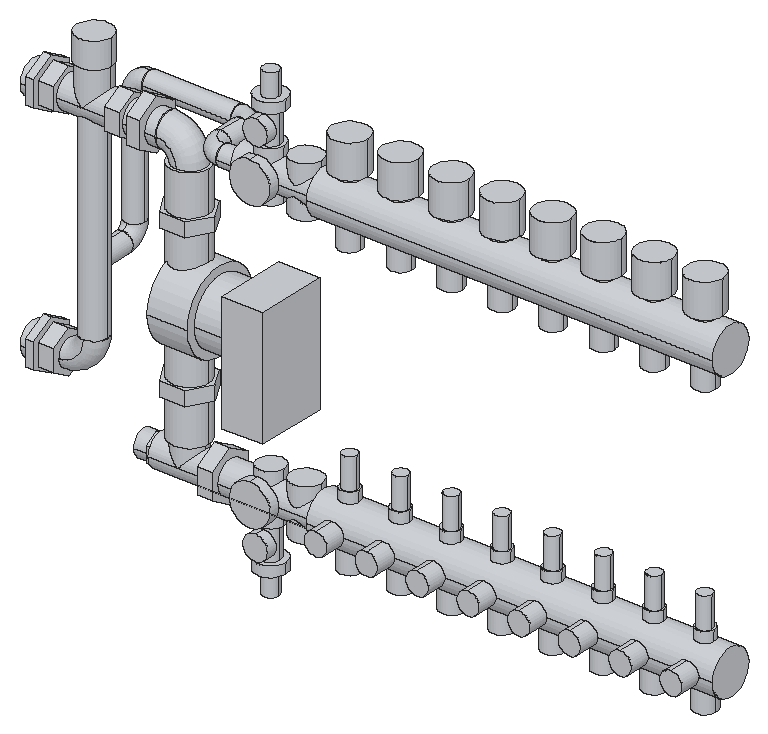
Revit family "318_9b57ddf208284e03839ea56ae0efe0", category Pipe Accessories, Revit 2017 (continued)
Dimensions and locks
  aligned and locked: plane 52 "223" to Extrusion 143 sketch curve
  aligned and locked: plane 48 "227" to Extrusion 144 sketch curve
  aligned and locked: plane 55 "220" to Extrusion 144 sketch curve
  aligned and locked: plane 48 "227" to Extrusion 145 sketch curve
  aligned and locked: plane 60 "215" to Extrusion 145 sketch curve
  aligned and locked: plane 48 "227" to Extrusion 146 sketch curve
  aligned and locked: plane 59 "216" to Extrusion 146 sketch curve
  aligned and locked: plane 48 "227" to Extrusion 147 sketch curve
  aligned and locked: plane 58 "217" to Extrusion 147 sketch curve
  aligned and locked: plane 48 "227" to Extrusion 148 sketch curve
  aligned and locked: plane 57 "218" to Extrusion 148 sketch curve
  aligned and locked: plane 48 "227" to Extrusion 149 sketch curve
  aligned and locked: plane 56 "219" to Extrusion 149 sketch curve
  aligned and locked: plane 48 "227" to Extrusion 150 sketch curve
  aligned and locked: plane 55 "220" to Extrusion 150 sketch curve
  aligned and locked: Extrusion 151 sketch curve to plane 48 "227"
  aligned and locked: plane 50 "225" to Extrusion 151 sketch curve
  aligned and locked: plane 33 "242" to Extrusion 152 sketch curve
  aligned and locked: Extrusion 152 sketch curve to plane 48 "227"
  aligned and locked: plane 48 "227" to Extrusion 153 sketch curve
  aligned and locked: plane 52 "223" to Extrusion 153 sketch curve
  aligned and locked: plane 48 "227" to Extrusion 154 sketch curve
  aligned and locked: plane 53 "222" to Extrusion 154 sketch curve
Automatic sketch dimensions
  plane 36 "239" to Extrusion 1 sketch curve = 1 mm
  Revolve 2 sketch curve to plane 7 "629" = 0 mm
  Revolve 2 sketch curve to level = 0 mm
  level to Revolve 2 sketch curve = 10 mm
  Revolve 2 sketch curve to plane 28 "247" = 7 mm
  plane 12 "614" to Extrusion 3 sketch curve = 5 mm
  Revolve 4 sketch curve to level = 0 mm
  plane 15 "606" to Revolve 4 sketch curve = 5 mm
  Revolve 4 sketch curve to plane 28 "247" = 7 mm
  plane 15 "606" to Extrusion 5 sketch curve = 5 mm
  Revolve 6 sketch curve to Revolve 6 sketch curve = 10 mm
  plane 4 "INIT_TEMP" to Revolve 6 sketch curve = 1015 mm
  Revolve 6 sketch curve to Revolve 6 sketch curve = 85 mm
  Extrusion 7 sketch curve to plane 72 "203" = 10 mm
  Revolve 8 sketch curve to plane 14 "607" = 0 mm
  Revolve 8 sketch curve to plane 23 "252" = 8.5 mm
  Revolve 8 sketch curve to plane 3 "Center (Left/Right)" = 885 mm
  Revolve 8 sketch curve to Revolve 8 sketch curve = 75 mm
  Extrusion 9 sketch curve to plane 23 "252" = 8.5 mm
  Revolve 10 sketch curve to plane 36 "239" = 0 mm
  Revolve 10 sketch curve to plane 44 "231" = 0 mm
  plane 4 "INIT_TEMP" to Revolve 10 sketch curve = 1120 mm
  Revolve 10 sketch curve to Revolve 10 sketch curve = 100 mm
  Extrusion 11 sketch curve to plane 1 "Center (Front/Back)" = 0 mm  (x2)
  Extrusion 11 sketch curve to plane 30 "245" = 0 mm
  plane 54 "221" to Extrusion 11 sketch curve = 0.349 mm
  plane 6 "630" to Extrusion 11 sketch curve = 11.651 mm
  Extrusion 11 sketch curve to plane 51 "224" = 9.5 mm  (x2)
  plane 12 "614" to Extrusion 11 sketch curve = 2.5 mm  (x2)
  Extrusion 11 sketch curve to plane 44 "231" = 4 mm
  Extrusion 12 sketch curve to plane 36 "239" = 0 mm
  plane 75 "200" to Extrusion 13 sketch curve = 8 mm
  Extrusion 14 sketch curve to plane 15 "606" = 0 mm
  Extrusion 14 sketch curve to plane 54 "221" = 13 mm
  plane 41 "234" to Extrusion 14 sketch curve = 3.5 mm
  plane 14 "607" to Extrusion 14 sketch curve = 21.5 mm
  Extrusion 15 sketch curve to plane 54 "221" = 10.5 mm
  Extrusion 16 sketch curve to plane 54 "221" = 18 mm
  plane 18 "595" to Extrusion 17 sketch curve = 2 mm
  plane 75 "200" to Extrusion 18 sketch curve = 9 mm
  Extrusion 19 sketch curve to level = 0 mm
  plane 44 "231" to Extrusion 19 sketch curve = 1 mm
  Extrusion 20 sketch curve to plane 31 "244" = 9 mm
  plane 21 "254" to Extrusion 21 sketch curve = 5 mm
  Extrusion 22 sketch curve to plane 31 "244" = 7.5 mm
  plane 66 "209" to Extrusion 23 sketch curve = 2 mm
  plane 21 "254" to Extrusion 24 sketch curve = 7 mm
  plane 65 "210" to Extrusion 25 sketch curve = 5 mm
  plane 40 "235" to Extrusion 26 sketch curve = 4 mm
  Extrusion 27 sketch curve to plane 31 "244" = 7.5 mm
  plane 21 "254" to Extrusion 28 sketch curve = 5 mm
  Extrusion 29 sketch curve to plane 31 "244" = 9 mm
  plane 18 "595" to Extrusion 30 sketch curve = 2 mm
  plane 34 "241" to Extrusion 31 sketch curve = 1 mm
  plane 1 "Center (Front/Back)" to Extrusion 32 sketch curve = 0 mm  (x2)
  plane 32 "243" to Extrusion 32 sketch curve = 3 mm
  Extrusion 32 sketch curve to plane 24 "251" = 2.5 mm  (x2)
  plane 54 "221" to Extrusion 32 sketch curve = 0.349 mm
  plane 9 "621" to Extrusion 32 sketch curve = 4.5 mm  (x2)
  plane 8 "626" to Extrusion 32 sketch curve = 2 mm
  plane 6 "630" to Extrusion 32 sketch curve = 11.651 mm
  plane 1 "Center (Front/Back)" to Extrusion 33 sketch curve = 0 mm  (x2)
  plane 32 "243" to Extrusion 33 sketch curve = 3 mm
  plane 54 "221" to Extrusion 33 sketch curve = 0.349 mm
  Extrusion 33 sketch curve to plane 24 "251" = 2.5 mm  (x2)
  plane 9 "621" to Extrusion 33 sketch curve = 4.5 mm  (x2)
  plane 8 "626" to Extrusion 33 sketch curve = 2 mm
  plane 6 "630" to Extrusion 33 sketch curve = 11.651 mm
  plane 18 "595" to Extrusion 34 sketch curve = 2 mm
  plane 36 "239" to Extrusion 35 sketch curve = 3.5 mm
  Extrusion 36 sketch curve to plane 1 "Center (Front/Back)" = 0 mm  (x2)
  plane 36 "239" to Extrusion 36 sketch curve = 3.01 mm
  plane 6 "630" to Extrusion 36 sketch curve = 2.99 mm
  plane 65 "210" to Extrusion 36 sketch curve = 10 mm
  Extrusion 36 sketch curve to plane 49 "226" = 7.5 mm  (x2)
  plane 49 "226" to Extrusion 36 sketch curve = 7.5 mm  (x2)
  Extrusion 36 sketch curve to plane 42 "233" = 6 mm
  Extrusion 37 sketch curve to plane 1 "Center (Front/Back)" = 0 mm  (x2)
  Extrusion 37 sketch curve to plane 30 "245" = 0 mm
  plane 54 "221" to Extrusion 37 sketch curve = 0.349 mm
  plane 6 "630" to Extrusion 37 sketch curve = 11.651 mm
  Extrusion 37 sketch curve to plane 51 "224" = 9.5 mm  (x2)
  plane 12 "614" to Extrusion 37 sketch curve = 2.5 mm  (x2)
  Extrusion 37 sketch curve to plane 44 "231" = 4 mm
  Extrusion 38 sketch curve to plane 36 "239" = 0 mm
  Extrusion 39 sketch curve to plane 1 "Center (Front/Back)" = 0 mm  (x2)
  Extrusion 39 sketch curve to plane 65 "210" = 0 mm
  Extrusion 39 sketch curve to plane 71 "204" = 0 mm
  plane 54 "221" to Extrusion 39 sketch curve = 0.349 mm
  plane 6 "630" to Extrusion 39 sketch curve = 11.651 mm
  Extrusion 39 sketch curve to plane 49 "226" = 12.5 mm  (x2)
  Extrusion 39 sketch curve to plane 42 "233" = 8.5 mm  (x2)
  Extrusion 40 sketch curve to plane 36 "239" = 0 mm
  Extrusion 127 sketch curve to plane 70 "205" = 15 mm
  plane 21 "254" to Extrusion 128 sketch curve = 7 mm
  Extrusion 129 sketch curve to plane 70 "205" = 15 mm
  Extrusion 130 sketch curve to plane 1 "Center (Front/Back)" = 0 mm  (x2)
  Extrusion 130 sketch curve to plane 44 "231" = 0 mm
  Extrusion 130 sketch curve to plane 36 "239" = 2.187 mm
  plane 6 "630" to Extrusion 130 sketch curve = 8.187 mm
  plane 12 "614" to Extrusion 130 sketch curve = 4.5 mm  (x2)
  level to Extrusion 130 sketch curve = 10.5 mm  (x2)
  Extrusion 130 sketch curve to plane 51 "224" = 1 mm
  plane 75 "200" to Extrusion 131 sketch curve = 12 mm
  Extrusion 132 sketch curve to plane 1 "Center (Front/Back)" = 0 mm  (x2)
  Extrusion 132 sketch curve to plane 44 "231" = 0 mm
  Extrusion 132 sketch curve to plane 36 "239" = 2.187 mm
  plane 6 "630" to Extrusion 132 sketch curve = 8.187 mm
  plane 12 "614" to Extrusion 132 sketch curve = 4.5 mm  (x2)
  level to Extrusion 132 sketch curve = 10.5 mm  (x2)
  Extrusion 132 sketch curve to plane 51 "224" = 1 mm
  Extrusion 133 sketch curve to plane 1 "Center (Front/Back)" = 0 mm  (x2)
  Extrusion 133 sketch curve to plane 25 "250" = 0 mm
  Extrusion 133 sketch curve to plane 36 "239" = 2.187 mm
  plane 41 "234" to Extrusion 133 sketch curve = 3.5 mm  (x2)
  plane 6 "630" to Extrusion 133 sketch curve = 8.187 mm
  Extrusion 133 sketch curve to plane 33 "242" = 10.5 mm  (x2)
  plane 67 "208" to Extrusion 133 sketch curve = 1 mm
  Extrusion 134 sketch curve to plane 36 "239" = 0 mm
  Revolve 135 sketch curve to plane 76 "199" = 0 mm
  plane 36 "239" to Revolve 135 sketch curve = 3 mm
  plane 4 "INIT_TEMP" to Revolve 135 sketch curve = 825 mm
  Revolve 135 sketch curve to Revolve 135 sketch curve = 100 mm
  Extrusion 136 sketch curve to plane 1 "Center (Front/Back)" = 0 mm  (x2)
  Extrusion 136 sketch curve to plane 76 "199" = 0 mm
  plane 54 "221" to Extrusion 136 sketch curve = 0.349 mm
  plane 41 "234" to Extrusion 136 sketch curve = 5.5 mm  (x2)
  plane 6 "630" to Extrusion 136 sketch curve = 11.651 mm
  plane 67 "208" to Extrusion 136 sketch curve = 9.5 mm  (x2)
  Extrusion 136 sketch curve to plane 67 "208" = 3 mm
  Extrusion 137 sketch curve to plane 6 "630" = 0 mm
  Extrusion 138 sketch curve to plane 6 "630" = 0 mm
  Extrusion 139 sketch curve to plane 6 "630" = 0 mm
  Extrusion 140 sketch curve to plane 6 "630" = 0 mm
  Extrusion 141 sketch curve to plane 6 "630" = 0 mm
  Extrusion 142 sketch curve to plane 6 "630" = 0 mm
  Extrusion 143 sketch curve to plane 6 "630" = 0 mm
  Extrusion 144 sketch curve to plane 6 "630" = 0 mm
  Extrusion 145 sketch curve to plane 6 "630" = 0 mm
  Extrusion 146 sketch curve to plane 6 "630" = 0 mm
  Extrusion 147 sketch curve to plane 6 "630" = 0 mm
  Extrusion 148 sketch curve to plane 6 "630" = 0 mm
  Extrusion 149 sketch curve to plane 6 "630" = 0 mm
  Extrusion 150 sketch curve to plane 6 "630" = 0 mm
  Extrusion 151 sketch curve to plane 6 "630" = 0 mm
  Extrusion 152 sketch curve to plane 6 "630" = 0 mm
  Extrusion 153 sketch curve to plane 6 "630" = 0 mm
  Extrusion 154 sketch curve to plane 6 "630" = 0 mm
Connectors
  piping at (0, 0, 0), diameter 25, driven by "Flow supply main", driven by "SMP"
    settings: on Extrusion 151, index 1, connector inside diameter 609.6 mm, connector length 0 mm, flow factor 0, pipe flow 0.0 L/s, pressure drop 0.0 Pa, fitting loss kfactor 0, connector angle 0.00°, fixture units 0, engagement length 0 mm, angle of deflection 0.00°, flow configuration 1, flow direction 1, fitting loss method 0, system type 7, joint type 0, gender type 0, connector reference index -1, connector utility 0, adjustable connector no, is connector primary yes, connector description "Main_1_1"
  piping at (312, 0, -325), diameter 18, driven by "Flow supply 1", driven by "SBP1"
    settings: on Extrusion 153, index 2, connector inside diameter 609.6 mm, connector length 0 mm, flow factor 0, pipe flow 0.0 L/s, pressure drop 0.0 Pa, fitting loss kfactor 0, connector angle 0.00°, fixture units 0, engagement length 0 mm, angle of deflection 0.00°, flow configuration 0, flow direction 2, fitting loss method 0, system type 7, joint type 0, gender type 0, connector reference index -1, connector utility 0, adjustable connector no, is connector primary no, connector description "Branch_1_1"
  piping at (362, 0, -325), diameter 18, driven by "Flow supply 2", driven by "SBP2"
    settings: on Extrusion 154, index 3, connector inside diameter 609.6 mm, connector length 0 mm, flow factor 0, pipe flow 0.0 L/s, pressure drop 0.0 Pa, fitting loss kfactor 0, connector angle 0.00°, fixture units 0, engagement length 0 mm, angle of deflection 0.00°, flow configuration 0, flow direction 2, fitting loss method 0, system type 7, joint type 0, gender type 0, connector reference index -1, connector utility 0, adjustable connector no, is connector primary no, connector description "Branch_1_2"
  piping at (412, 0, -325), diameter 18, driven by "Flow supply 3", driven by "SBP3"
    settings: on Extrusion 150, index 4, connector inside diameter 609.6 mm, connector length 0 mm, flow factor 0, pipe flow 0.0 L/s, pressure drop 0.0 Pa, fitting loss kfactor 0, connector angle 0.00°, fixture units 0, engagement length 0 mm, angle of deflection 0.00°, flow configuration 0, flow direction 2, fitting loss method 0, system type 7, joint type 0, gender type 0, connector reference index -1, connector utility 0, adjustable connector no, is connector primary no, connector description "Branch_1_3"
  piping at (462, 0, -325), diameter 18, driven by "Flow supply 4", driven by "SBP4"
    settings: on Extrusion 149, index 5, connector inside diameter 609.6 mm, connector length 0 mm, flow factor 0, pipe flow 0.0 L/s, pressure drop 0.0 Pa, fitting loss kfactor 0, connector angle 0.00°, fixture units 0, engagement length 0 mm, angle of deflection 0.00°, flow configuration 0, flow direction 2, fitting loss method 0, system type 7, joint type 0, gender type 0, connector reference index -1, connector utility 0, adjustable connector no, is connector primary no, connector description "Branch_1_4"
  piping at (512, 0, -325), diameter 18, driven by "Flow supply 5", driven by "SBP5"
    settings: on Extrusion 148, index 6, connector inside diameter 609.6 mm, connector length 0 mm, flow factor 0, pipe flow 0.0 L/s, pressure drop 0.0 Pa, fitting loss kfactor 0, connector angle 0.00°, fixture units 0, engagement length 0 mm, angle of deflection 0.00°, flow configuration 0, flow direction 2, fitting loss method 0, system type 7, joint type 0, gender type 0, connector reference index -1, connector utility 0, adjustable connector no, is connector primary no, connector description "Branch_1_5"
  piping at (562, 0, -325), diameter 18, driven by "Flow supply 6", driven by "SBP6"
    settings: on Extrusion 147, index 7, connector inside diameter 609.6 mm, connector length 0 mm, flow factor 0, pipe flow 0.0 L/s, pressure drop 0.0 Pa, fitting loss kfactor 0, connector angle 0.00°, fixture units 0, engagement length 0 mm, angle of deflection 0.00°, flow configuration 0, flow direction 2, fitting loss method 0, system type 7, joint type 0, gender type 0, connector reference index -1, connector utility 0, adjustable connector no, is connector primary no, connector description "Branch_1_6"
  piping at (612, 0, -325), diameter 18, driven by "Flow supply 7", driven by "SBP7"
    settings: on Extrusion 146, index 8, connector inside diameter 609.6 mm, connector length 0 mm, flow factor 0, pipe flow 0.0 L/s, pressure drop 0.0 Pa, fitting loss kfactor 0, connector angle 0.00°, fixture units 0, engagement length 0 mm, angle of deflection 0.00°, flow configuration 0, flow direction 2, fitting loss method 0, system type 7, joint type 0, gender type 0, connector reference index -1, connector utility 0, adjustable connector no, is connector primary no, connector description "Branch_1_7"
  piping at (662, 0, -325), diameter 18, driven by "Flow supply 8", driven by "SBP8"
    settings: on Extrusion 145, index 9, connector inside diameter 609.6 mm, connector length 0 mm, flow factor 0, pipe flow 0.0 L/s, pressure drop 0.0 Pa, fitting loss kfactor 0, connector angle 0.00°, fixture units 0, engagement length 0 mm, angle of deflection 0.00°, flow configuration 0, flow direction 2, fitting loss method 0, system type 7, joint type 0, gender type 0, connector reference index -1, connector utility 0, adjustable connector no, is connector primary no, connector description "Branch_1_8"
  piping at (0, 0, -231), diameter 25, driven by "Flow return main", driven by "RMP"
    settings: on Extrusion 152, index 10, connector inside diameter 609.6 mm, connector length 0 mm, flow factor 0, pipe flow 0.0 L/s, pressure drop 0.0 Pa, fitting loss kfactor 0, connector angle 0.00°, fixture units 0, engagement length 0 mm, angle of deflection 0.00°, flow configuration 1, flow direction 2, fitting loss method 0, system type 8, joint type 0, gender type 0, connector reference index -1, connector utility 0, adjustable connector no, is connector primary no, connector description "Main_2_1"
  piping at (312, 0, -40), diameter 18, driven by "Flow return 1", driven by "RBP1"
    settings: on Extrusion 143, index 11, connector inside diameter 609.6 mm, connector length 0 mm, flow factor 0, pipe flow 0.0 L/s, pressure drop 0.0 Pa, fitting loss kfactor 0, connector angle 0.00°, fixture units 0, engagement length 0 mm, angle of deflection 0.00°, flow configuration 0, flow direction 1, fitting loss method 0, system type 8, joint type 0, gender type 0, connector reference index -1, connector utility 0, adjustable connector no, is connector primary no, connector description "Branch_2_1"
  piping at (362, 0, -40), diameter 18, driven by "Flow return 2", driven by "RBP2"
    settings: on Extrusion 142, index 12, connector inside diameter 609.6 mm, connector length 0 mm, flow factor 0, pipe flow 0.0 L/s, pressure drop 0.0 Pa, fitting loss kfactor 0, connector angle 0.00°, fixture units 0, engagement length 0 mm, angle of deflection 0.00°, flow configuration 0, flow direction 1, fitting loss method 0, system type 8, joint type 0, gender type 0, connector reference index -1, connector utility 0, adjustable connector no, is connector primary no, connector description "Branch_2_2"
  piping at (412, 0, -40), diameter 18, driven by "Flow return 3", driven by "RBP3"
    settings: on Extrusion 144, index 13, connector inside diameter 609.6 mm, connector length 0 mm, flow factor 0, pipe flow 0.0 L/s, pressure drop 0.0 Pa, fitting loss kfactor 0, connector angle 0.00°, fixture units 0, engagement length 0 mm, angle of deflection 0.00°, flow configuration 0, flow direction 1, fitting loss method 0, system type 8, joint type 0, gender type 0, connector reference index -1, connector utility 0, adjustable connector no, is connector primary no, connector description "Branch_2_3"
  piping at (462, 0, -40), diameter 18, driven by "Flow return 4", driven by "RBP4"
    settings: on Extrusion 141, index 14, connector inside diameter 609.6 mm, connector length 0 mm, flow factor 0, pipe flow 0.0 L/s, pressure drop 0.0 Pa, fitting loss kfactor 0, connector angle 0.00°, fixture units 0, engagement length 0 mm, angle of deflection 0.00°, flow configuration 0, flow direction 1, fitting loss method 0, system type 8, joint type 0, gender type 0, connector reference index -1, connector utility 0, adjustable connector no, is connector primary no, connector description "Branch_2_4"
  piping at (512, 0, -40), diameter 18, driven by "Flow return 5", driven by "RBP5"
    settings: on Extrusion 140, index 15, connector inside diameter 609.6 mm, connector length 0 mm, flow factor 0, pipe flow 0.0 L/s, pressure drop 0.0 Pa, fitting loss kfactor 0, connector angle 0.00°, fixture units 0, engagement length 0 mm, angle of deflection 0.00°, flow configuration 0, flow direction 1, fitting loss method 0, system type 8, joint type 0, gender type 0, connector reference index -1, connector utility 0, adjustable connector no, is connector primary no, connector description "Branch_2_5"
  piping at (562, 0, -40), diameter 18, driven by "Flow return 6", driven by "RBP6"
    settings: on Extrusion 139, index 16, connector inside diameter 609.6 mm, connector length 0 mm, flow factor 0, pipe flow 0.0 L/s, pressure drop 0.0 Pa, fitting loss kfactor 0, connector angle 0.00°, fixture units 0, engagement length 0 mm, angle of deflection 0.00°, flow configuration 0, flow direction 1, fitting loss method 0, system type 8, joint type 0, gender type 0, connector reference index -1, connector utility 0, adjustable connector no, is connector primary no, connector description "Branch_2_6"
  piping at (612, 0, -40), diameter 18, driven by "Flow return 7", driven by "RBP7"
    settings: on Extrusion 138, index 17, connector inside diameter 609.6 mm, connector length 0 mm, flow factor 0, pipe flow 0.0 L/s, pressure drop 0.0 Pa, fitting loss kfactor 0, connector angle 0.00°, fixture units 0, engagement length 0 mm, angle of deflection 0.00°, flow configuration 0, flow direction 1, fitting loss method 0, system type 8, joint type 0, gender type 0, connector reference index -1, connector utility 0, adjustable connector no, is connector primary no, connector description "Branch_2_7"
  piping at (662, 0, -40), diameter 18, driven by "Flow return 8", driven by "RBP8"
    settings: on Extrusion 137, index 18, connector inside diameter 609.6 mm, connector length 0 mm, flow factor 0, pipe flow 0.0 L/s, pressure drop 0.0 Pa, fitting loss kfactor 0, connector angle 0.00°, fixture units 0, engagement length 0 mm, angle of deflection 0.00°, flow configuration 0, flow direction 1, fitting loss method 0, system type 8, joint type 0, gender type 0, connector reference index -1, connector utility 0, adjustable connector no, is connector primary no, connector description "Branch_2_8"
